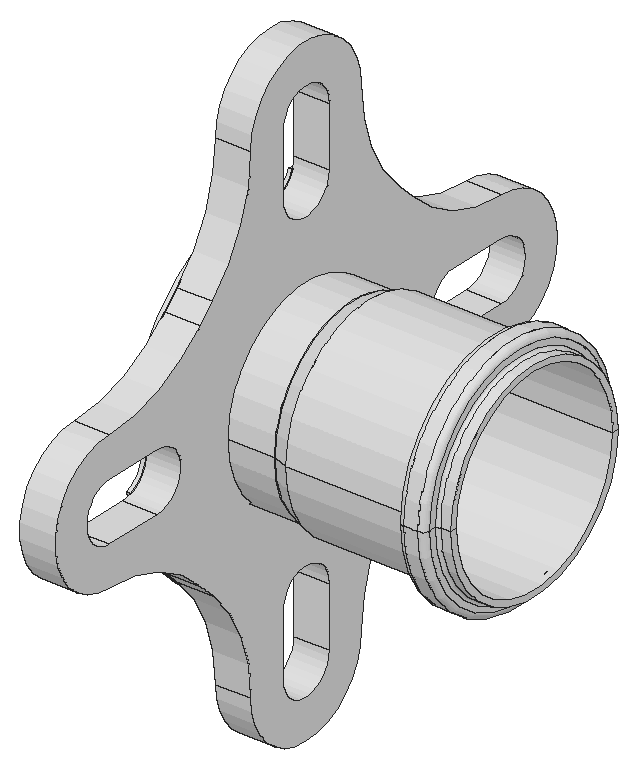
Revit family "Blucher_PipeFitting_(854-500)aa", category Pipe Fittings, Revit 2017
Family settings
  Round Connector Dimension = Use Radius
  Part Type = Union
  OmniClass Number = 23.60.30.11.14
  OmniClass Title = Pipework Fittings
  Work Plane-Based = No
  Always vertical = Yes
  Cut with Voids When Loaded = No
  Shared = No
Parameters (values of type "854.500.050")
  _DistributedBy = "www.bimstore.co.uk"
  _CurrentRevision = 1
  _CreatedBy = "www.bimstore.co.uk"
  _BimSpecGuid = 0
  _BSBibleVersion = 16
  _AuthorizedBy = "bimstore"
  _Author = "Ian Holmes"
  X5 = if(D = 40 mm, 41 mm, if(D = 50 mm, 42 mm, if(D = 75 mm, 50 mm, if(D = 82 mm, 52 mm, if(D = 110 mm, 57 mm, if(D = 125 mm, 60 mm, if(D = 160 mm, 72 mm, if(D = 200 mm, 90 mm, if(D = 250 mm, 108 mm, 116 mm)))))))))  # 42 mm
  Weight = 0.00 kg
  WarrantyStartDate [instance] = "Please complete on commissioning"
  WarrantyGuarantorParts = "mail@blucher.com"
  WarrantyGuarantorLabor = "n/a"
  WarrantyDurationUnit = "Years"
  WarrantyDurationParts = "0"
  WarrantyDurationLabor = "0"
  WarrantyDescription = "n/a"
  VVS [instance] = "n/a"  # constant formula
  built-in parameter 1114242 [instance] = (empty or 0)
  URL = "http://www.blucher.com/"
  TypeName = Type Comments  # "843 Range - Stainless steel: AISI304/EN1.4301"
  Type Comments = Description  # "843 Range - Stainless steel: AISI304/EN1.4301"
  StainlessSteel316 = not(StainlessSteel304)  # no
  StainlessSteel304 = yes
  SpareParts = "n/a"
  Size = "n/a"
  Shape = "Cylinder"
  SerialNumber [instance] = "Please complete on commissioning"
  ReplacementCost = "n/a"
  ReferencedStandard = "n/a"
  RSK [instance] = "n/a"  # constant formula
  ProductionYear = "2020"
  ProductInstallationVideo = "http://www.blucher.com/ean/5705499413076/InstallationVideo"
  NominalLength = if(D = 50 mm, 160 mm, if(D = 75 mm, 200 mm, if(D = 110 mm, 230 mm, if(D = 125 mm, 255 mm, if(D = 160 mm, 285 mm, 285 mm)))))  # 160 mm
  NominalHeight = X5 + H1 + FD + 1 mm  # 64 mm
  NominalDepth = if(D = 50 mm, 160 mm, if(D = 75 mm, 200 mm, if(D = 110 mm, 230 mm, if(D = 125 mm, 255 mm, if(D = 160 mm, 285 mm, 285 mm)))))  # 160 mm
  NRF [instance] = "n/a"  # constant formula
  NBSReference = "90-10-20/350"
  NBSOfficeMasterTag = "n/a"
  NBSObjectName = "Blucher - Stainless steel waste water pipes and fittings"
  NBSNote = ""
  NBSDescription = "Stainless steel waste water pipes and fittings"
  ModelReference = Model  # "854.500.050"
  ModelNumber [instance] = ArticleNumber  # "n/a"
  Model = "854.500.050"
  MaterialBlucher = Blucher_Stainless Steel
  Material = "Stainless steel"
  ManufacturerName = "Blücher"
  Manufacturer = "Blücher"
  Loss Method = Not Defined
  LVI [instance] = "n/a"  # constant formula
  Keynote = "S10/110"
  IsNotCusom [instance] = or(and(D = 40 mm, StainlessSteel304), and(D = 50 mm, StainlessSteel304), and(D = 75 mm, StainlessSteel304), and(D = 110 mm, StainlessSteel304), and(D = 125 mm, StainlessSteel304), and(D = 160 mm, StainlessSteel304), and(D = 40 mm, StainlessSteel316), and(D = 50 mm, StainlessSteel316), and(D = 75 mm, StainlessSteel316), and(D = 110 mm, StainlessSteel316), and(D = 125 mm, StainlessSteel316), and(D = 160 mm, StainlessSteel316))  # yes
  built-in parameter 1114238 [instance] = not(IsNotCusom)  # (empty or 0)
  InstallationDate [instance] = "Please complete on commissioning"
  IfcExportType = "IfcPipeFitting"
  IfcExportAs = "IfcPipeFittingType"
  H1 = if(D = 50 mm, 12 mm, if(D = 75 mm, 5 mm, if(D = 110 mm, 4 mm, if(D = 125 mm, 5.4 mm, if(D = 160 mm, 10.3 mm, 10.3 mm)))))  # 12 mm
  Grade = "n/a"
  Finish = "Stainless steel"
  Features = "n/a"
  FD = if(D = 50 mm, 9 mm, if(D = 75 mm, 11 mm, if(D = 110 mm, 11 mm, if(D = 125 mm, 14 mm, if(D = 160 mm, 14 mm, 14 mm)))))  # 9 mm
  ExpectedLife = 50
  EAN [instance] = "n/a"  # constant formula
  DurationUnit = "Years"
  DocumentationTechnical = "http://www.blucher.com/"
  DocumentationMaintenance = "http://www.blucher.com/"
  DocumentationLiterature = "http://www.blucher.com/"
  DocumentationInstallationGuide = "http://www.blucher.com/"
  DocumentationCertificates = "http://www.blucher.com/"
  Description = "843 Range - Stainless steel: AISI304/EN1.4301"
  DN75 = D = 75 mm  # no
  DN50 = D = 50 mm  # yes
  DN160 = D = 160 mm  # no
  DN125 = D = 125 mm  # no
  DN110 = D = 110 mm  # no
  ConnectionSize = 25 mm
  D = ConnectionSize * 2  # 50 mm
  CreatedOn = "2020-09-16T09:00:00"
  CreatedBy = "mail@blucher.com"
  Constituents = "n/a"
  Color = "Stainless steel"
  CodePerformance = "n/a"
  ClassificationValue = "Pr_65_52_63_81"
  ClassificationName = "Uniclass2015"
  BarCode [instance] = "Please complete on commissioning"
  BIMObjectName = "Blucher_PipeFitting_(854-500)"
  AssetType = "Fixed"
  AssetIdentifier [instance] = "Please complete on commissioning"
  Assembly Code = "D20"
  ArticleNumber [instance] = "n/a"  # constant formula
  Approvals = "n/a"
  AccessibilityPerformance = "n/a"
Types (5, lengths in mm): name | X5 | NominalLength | NominalHeight | NominalDepth | ModelReference | Model | H1 | FD | DN75 | DN50 | DN160 | DN125 | DN110 | ConnectionSize | D
  854.500.050 | 42 | 160 | 64 | 160 | "854.500.050" | "854.500.050" | 12 | 9 | no | yes | no | no | no | 25 | 50
  854.500.075 | 50 | 200 | 67 | 200 | "854.500.075" | "854.500.075" | 5 | 11 | yes | no | no | no | no | 37.5 | 75
  854.500.110 | 57 | 230 | 73 | 230 | "854.500.110" | "854.500.110" | 4 | 11 | no | no | no | no | yes | 55 | 110
  854.500.125 | 60 | 255 | 80.4 | 255 | "854.500.125" | "854.500.125" | 5.4 | 14 | no | no | no | yes | no | 62.5 | 125
  854.500.160 | 72 | 285 | 97.3 | 285 | "854.500.160" | "854.500.160" | 10.3 | 14 | no | no | yes | no | no | 80 | 160
Reference planes
  plane 1 "Center (Front/Back)": y = 0
  plane 2: z = 0
  plane 3 "Center (Left/Right)": x = 0
  plane 4: y = 25
  plane 5: y = -25
  plane 6: x = 16.121
  plane 7: x = 58.121
  plane 8: x = 12
  plane 9: x = -9
  plane 10: x = -10
  plane 11: x = -1
  plane 12: x = -11
Forms (mm)
  Revolve 1, solid, material "Blucher_Stainless Steel" <- "MaterialBlucher", detail levels fine
    sketch origin (0, 0, 0) x (1, 0, 0) y (0, 1, 0)
      loop
        line (-1, 25) -> (-1, 24.023) -> (12, 24.023) -> (12, 25) -> (-1, 25)
      axis (-1, 0) -> (12, 0)
    angle from 0 to 360
  Sweep 2, solid, material "Blucher_Stainless Steel" <- "MaterialBlucher", visible <- "DN50", detail levels fine
    path origin (0, 0, 0) x (1, 0, 0) y (0, 1, 0)
      loop
        line (-9, 0) -> (0, 0)
    profile origin (-4.5, 0, 0) x (0, 1, 0) y (0, 0, 1)
      loop
        arc (-17.483, 62.314) -> (-20.676, 46.689) -> (-29.743, 33.569) r 39.829
        arc (-29.743, 33.569) -> (-31.676, 31.676) -> (-33.569, 29.743) r 129.653
        arc (-33.569, 29.743) -> (-46.689, 20.676) -> (-62.314, 17.483) r 39.829
        arc (-62.314, 17.483) -> (-79.797, 0) -> (-62.314, -17.483) r 17.483
        arc (-62.314, -17.483) -> (-46.689, -20.676) -> (-33.569, -29.743) r 39.829
        arc (-33.569, -29.743) -> (-31.676, -31.676) -> (-29.743, -33.569) r 129.653
        arc (-29.743, -33.569) -> (-20.676, -46.689) -> (-17.483, -62.314) r 39.829
        arc (-17.483, -62.314) -> (0, -79.797) -> (17.483, -62.314) r 17.483
        arc (17.483, -62.314) -> (20.676, -46.689) -> (29.743, -33.569) r 39.829
        arc (29.743, -33.569) -> (31.676, -31.676) -> (33.569, -29.743) r 129.653
        arc (33.569, -29.743) -> (46.689, -20.676) -> (62.314, -17.483) r 39.829
        arc (62.314, -17.483) -> (79.797, 0) -> (62.314, 17.483) r 17.483
        arc (62.314, 17.483) -> (46.689, 20.676) -> (33.569, 29.743) r 39.829
        arc (33.569, 29.743) -> (31.676, 31.676) -> (29.743, 33.569) r 129.653
        arc (29.743, 33.569) -> (20.676, 46.689) -> (17.483, 62.314) r 39.829
        arc (17.483, 62.314) -> (0, 79.797) -> (-17.483, 62.314) r 17.483
      loop
        line (-7.5, 62.35) -> (-7.5, 47.154)
        arc (-7.5, 47.154) -> (0, 39.654) -> (7.5, 47.154) r 7.5
        line (7.5, 47.154) -> (7.5, 62.35)
        arc (7.5, 62.35) -> (0, 69.85) -> (-7.5, 62.35) r 7.5
      loop
        arc (-7.5, -62.35) -> (0, -69.85) -> (7.5, -62.35) r 7.5
        line (7.5, -62.35) -> (7.5, -47.154)
        arc (7.5, -47.154) -> (0, -39.654) -> (-7.5, -47.154) r 7.5
        line (-7.5, -47.154) -> (-7.5, -62.35)
      loop
        arc (-62.35, 7.5) -> (-69.85, 0) -> (-62.35, -7.5) r 7.5
        line (-62.35, -7.5) -> (-47.154, -7.5)
        arc (-47.154, -7.5) -> (-39.654, 0) -> (-47.154, 7.5) r 7.5
        line (-47.154, 7.5) -> (-62.35, 7.5)
      loop
        line (62.35, 7.5) -> (47.154, 7.5)
        arc (47.154, 7.5) -> (39.654, 0) -> (47.154, -7.5) r 7.5
        line (47.154, -7.5) -> (62.35, -7.5)
        arc (62.35, -7.5) -> (69.85, 0) -> (62.35, 7.5) r 7.5
      loop
        circle (0, 0) r 25
  Sweep 3, solid, material "Blucher_Stainless Steel" <- "MaterialBlucher", visible <- "DN50", detail levels fine
    path origin (0, 0, 0) x (1, 0, 0) y (0, 1, 0)
      loop
        line (-10, 0) -> (-9, 0)
    profile origin (-9.5, 0, 0) x (0, 1, 0) y (0, 0, 1)
      loop
        arc (-6.997, 44.453) -> (-31.82, 31.82) -> (-44.453, 6.997) r 45
        arc (-44.453, 6.997) -> (-39.654, 0) -> (-44.453, -6.997) r 7.5
        arc (-44.453, -6.997) -> (-31.82, -31.82) -> (-6.997, -44.453) r 45
        arc (-6.997, -44.453) -> (0, -39.654) -> (6.997, -44.453) r 7.5
        arc (6.997, -44.453) -> (31.82, -31.82) -> (44.453, -6.997) r 45
        arc (44.453, -6.997) -> (39.654, 0) -> (44.453, 6.997) r 7.5
        arc (44.453, 6.997) -> (31.82, 31.82) -> (6.997, 44.453) r 45
        arc (6.997, 44.453) -> (0, 39.654) -> (-6.997, 44.453) r 7.5
      loop
        circle (0, 0) r 25
  Sweep 4, solid, material "Blucher_Stainless Steel" <- "MaterialBlucher", visible <- "DN75", detail levels fine
    path origin (0, 0, 0) x (1, 0, 0) y (0, 1, 0)
      loop
        line (-9, 0) -> (0, 0)
    profile origin (-4.5, 0, 0) x (0, 1, 0) y (0, 0, 1)
      loop
        arc (-35.353, 51.696) -> (-44.384, 44.203) -> (-51.858, 35.155) r 62.581
        arc (-51.858, 35.155) -> (-64.115, 24.121) -> (-80.094, 20.037) r 34.5
        arc (-80.094, 20.037) -> (-99.916, 0.095) -> (-80.208, -19.96) r 20
        arc (-80.208, -19.96) -> (-64.136, -24.133) -> (-51.797, -35.245) r 35
        arc (-51.797, -35.245) -> (-44.346, -44.241) -> (-35.353, -51.696) r 62.581
        arc (-35.353, -51.696) -> (-24.248, -64.041) -> (-20.082, -80.115) r 35
        arc (-20.082, -80.115) -> (-0.036, -99.833) -> (19.915, -80.02) r 20
        arc (19.915, -80.02) -> (24.007, -64.043) -> (35.047, -51.791) r 34.5
        arc (35.047, -51.791) -> (44.098, -44.322) -> (51.596, -35.294) r 62.581
        arc (51.596, -35.294) -> (63.946, -24.195) -> (80.021, -20.036) r 35
        arc (80.021, -20.036) -> (99.749, 0) -> (79.945, 19.961) r 20
        arc (79.945, 19.961) -> (63.97, 24.06) -> (51.724, 35.106) r 34.5
        arc (51.724, 35.106) -> (44.178, 44.241) -> (35.047, 51.791) r 62.581
        arc (35.047, 51.791) -> (24.007, 64.043) -> (19.915, 80.02) r 34.5
        arc (19.915, 80.02) -> (-0.036, 99.833) -> (-20.082, 80.115) r 20
        arc (-20.082, 80.115) -> (-24.248, 64.041) -> (-35.353, 51.696) r 35
      loop
        line (7.5, 64.925) -> (7.5, 80.102)
        arc (7.5, 80.102) -> (0, 87.602) -> (-7.5, 80.102) r 7.5
        line (-7.5, 80.102) -> (-7.5, 64.925)
        arc (-7.5, 64.925) -> (0, 57.425) -> (7.5, 64.925) r 7.5
      loop
        arc (7.5, -64.925) -> (0, -57.425) -> (-7.5, -64.925) r 7.5
        line (-7.5, -64.925) -> (-7.5, -80.102)
        arc (-7.5, -80.102) -> (0, -87.602) -> (7.5, -80.102) r 7.5
        line (7.5, -80.102) -> (7.5, -64.925)
      loop
        line (-64.989, 7.757) -> (-80.165, 7.798)
        arc (-80.165, 7.798) -> (-87.685, 0.318) -> (-80.206, -7.202) r 7.5
        line (-80.206, -7.202) -> (-65.029, -7.243)
        arc (-65.029, -7.243) -> (-57.509, 0.237) -> (-64.989, 7.757) r 7.5
      loop
        arc (64.862, 7.411) -> (57.342, -0.069) -> (64.821, -7.589) r 7.5
        line (64.821, -7.589) -> (79.998, -7.63)
        arc (79.998, -7.63) -> (87.518, -0.15) -> (80.038, 7.37) r 7.5
        line (80.038, 7.37) -> (64.862, 7.411)
      loop
        circle (-0.084, 0) r 37.5
  Sweep 5, solid, material "Blucher_Stainless Steel" <- "MaterialBlucher", visible <- "DN75", detail levels fine
    path origin (0, 0, 0) x (1, 0, 0) y (0, 1, 0)
      loop
        line (-10, 0) -> (-9, 0)
    profile origin (-9.5, 0, 0) x (0, 1, 0) y (0, 0, 1)
      loop
        arc (-6.987, 62.2) -> (-44.219, 44.368) -> (-62.246, 7.23) r 62.581
        arc (-62.246, 7.23) -> (-57.509, 0.227) -> (-62.302, -6.737) r 7.5
        arc (-62.302, -6.737) -> (-44.395, -44.193) -> (-6.987, -62.2) r 62.581
        arc (-6.987, -62.2) -> (-0.01, -57.425) -> (6.98, -62.182) r 7.5
        arc (6.98, -62.182) -> (44.166, -44.254) -> (62.097, -7.069) r 62.581
        arc (62.097, -7.069) -> (57.341, -0.079) -> (62.116, 6.898) r 7.5
        arc (62.116, 6.898) -> (44.227, 44.193) -> (6.98, 62.182) r 62.581
        arc (6.98, 62.182) -> (-0.01, 57.425) -> (-6.987, 62.2) r 7.5
      loop
        circle (-0.084, 0) r 37.5
  Sweep 6, solid, material "Blucher_Stainless Steel" <- "MaterialBlucher", visible <- "DN110"
    path origin (0, 0, 0) x (1, 0, 0) y (0, 1, 0)
      loop
        line (-9, 0) -> (0, 0)
    profile origin (-4.5, 0, 0) x (0, 1, 0) y (0, 0, 1)
      loop
        arc (95.754, 19.986) -> (78.024, 32.318) -> (81.841, 53.576) r 20
        arc (81.841, 53.576) -> (81.322, 81.322) -> (53.576, 81.841) r 20
        arc (53.576, 81.841) -> (32.318, 78.024) -> (19.986, 95.754) r 20
        arc (19.986, 95.754) -> (0, 115.007) -> (-19.986, 95.754) r 20
        arc (-19.986, 95.754) -> (-32.318, 78.024) -> (-53.576, 81.841) r 20
        arc (-53.576, 81.841) -> (-81.322, 81.322) -> (-81.841, 53.576) r 20
        arc (-81.841, 53.576) -> (-78.024, 32.318) -> (-95.754, 19.986) r 20
        arc (-95.754, 19.986) -> (-115.007, 0) -> (-95.754, -19.986) r 20
        arc (-95.754, -19.986) -> (-78.024, -32.318) -> (-81.841, -53.576) r 20
        arc (-81.841, -53.576) -> (-81.322, -81.322) -> (-53.576, -81.841) r 20
        arc (-53.576, -81.841) -> (-32.318, -78.024) -> (-19.986, -95.754) r 20
        arc (-19.986, -95.754) -> (0, -115.007) -> (19.986, -95.754) r 20
        arc (19.986, -95.754) -> (32.318, -78.024) -> (53.576, -81.841) r 20
        arc (53.576, -81.841) -> (81.322, -81.322) -> (81.841, -53.576) r 20
        arc (81.841, -53.576) -> (78.024, -32.318) -> (95.754, -19.986) r 20
        arc (95.754, -19.986) -> (115.007, 0) -> (95.754, 19.986) r 20
      loop
        line (-73.548, 60.82) -> (-64.653, 51.925)
        arc (-64.653, 51.925) -> (-51.925, 51.925) -> (-51.925, 64.653) r 9
        line (-51.925, 64.653) -> (-60.82, 73.548)
        arc (-60.82, 73.548) -> (-73.548, 73.548) -> (-73.548, 60.82) r 9
      loop
        arc (60.82, -73.548) -> (73.548, -73.548) -> (73.548, -60.82) r 9
        line (73.548, -60.82) -> (64.653, -51.925)
        arc (64.653, -51.925) -> (51.925, -51.925) -> (51.925, -64.653) r 9
        line (51.925, -64.653) -> (60.82, -73.548)
      loop
        arc (73.548, 60.82) -> (73.548, 73.548) -> (60.82, 73.548) r 9
        line (60.82, 73.548) -> (51.925, 64.653)
        arc (51.925, 64.653) -> (51.925, 51.925) -> (64.653, 51.925) r 9
        line (64.653, 51.925) -> (73.548, 60.82)
      loop
        line (-60.82, -73.548) -> (-51.925, -64.653)
        arc (-51.925, -64.653) -> (-51.925, -51.925) -> (-64.653, -51.925) r 9
        line (-64.653, -51.925) -> (-73.548, -60.82)
        arc (-73.548, -60.82) -> (-73.548, -73.548) -> (-60.82, -73.548) r 9
      loop
        arc (9, 95.012) -> (0, 104.012) -> (-9, 95.012) r 9
        line (-9, 95.012) -> (-9, 82.433)
        arc (-9, 82.433) -> (0, 73.433) -> (9, 82.433) r 9
        line (9, 82.433) -> (9, 95.012)
      loop
        line (9, -95.012) -> (9, -82.433)
        arc (9, -82.433) -> (0, -73.433) -> (-9, -82.433) r 9
        line (-9, -82.433) -> (-9, -95.012)
        arc (-9, -95.012) -> (0, -104.012) -> (9, -95.012) r 9
      loop
        line (-95.012, -9) -> (-82.433, -9)
        arc (-82.433, -9) -> (-73.433, 0) -> (-82.433, 9) r 9
        line (-82.433, 9) -> (-95.012, 9)
        arc (-95.012, 9) -> (-104.012, 0) -> (-95.012, -9) r 9
      loop
        arc (95.012, -9) -> (104.012, 0) -> (95.012, 9) r 9
        line (95.012, 9) -> (82.433, 9)
        arc (82.433, 9) -> (73.433, 0) -> (82.433, -9) r 9
        line (82.433, -9) -> (95.012, -9)
      loop
        circle (0, 0) r 55
  Sweep 7, solid, material "Blucher_Stainless Steel" <- "MaterialBlucher", visible <- "DN110"
    path origin (0, 0, 0) x (1, 0, 0) y (0, 1, 0)
      loop
        line (-10, 0) -> (-9, 0)
    profile origin (-9.5, 0, 0) x (0, 1, 0) y (0, 0, 1)
      loop
        arc (49.501, -56.344) -> (51.925, -51.925) -> (56.344, -49.501) r 9
        arc (56.344, -49.501) -> (69.291, -28.701) -> (74.844, -4.838) r 75
        arc (74.844, -4.838) -> (73.433, 0) -> (74.844, 4.838) r 9
        arc (74.844, 4.838) -> (69.291, 28.701) -> (56.344, 49.501) r 75
        arc (56.344, 49.501) -> (51.925, 51.925) -> (49.501, 56.344) r 9
        arc (49.501, 56.344) -> (28.701, 69.291) -> (4.838, 74.844) r 75
        arc (4.838, 74.844) -> (0, 73.433) -> (-4.838, 74.844) r 9
        arc (-4.838, 74.844) -> (-28.701, 69.291) -> (-49.501, 56.344) r 75
        arc (-49.501, 56.344) -> (-51.925, 51.925) -> (-56.344, 49.501) r 9
        arc (-56.344, 49.501) -> (-69.291, 28.701) -> (-74.844, 4.838) r 75
        arc (-74.844, 4.838) -> (-73.433, 0) -> (-74.844, -4.838) r 9
        arc (-74.844, -4.838) -> (-69.291, -28.701) -> (-56.344, -49.501) r 75
        arc (-56.344, -49.501) -> (-51.925, -51.925) -> (-49.501, -56.344) r 9
        arc (-49.501, -56.344) -> (-28.701, -69.291) -> (-4.838, -74.844) r 75
        arc (-4.838, -74.844) -> (0, -73.433) -> (4.838, -74.844) r 9
        arc (4.838, -74.844) -> (28.701, -69.291) -> (49.501, -56.344) r 75
      loop
        circle (0, 0) r 55
  Sweep 8, solid, material "Blucher_Stainless Steel" <- "MaterialBlucher", visible <- "DN110"
    path origin (0, 0, 0) x (1, 0, 0) y (0, 1, 0)
      loop
        line (-11, 0) -> (-10, 0)
    profile origin (-10.5, 0, 0) x (0, 1, 0) y (0, 0, 1)
      loop
        arc (-96.811, 19.918) -> (-115.007, 0) -> (-96.811, -19.918) r 20
        arc (-96.811, -19.918) -> (-76.509, -26.471) -> (-60.985, -41.104) r 48.476
        arc (-60.985, -41.104) -> (0, -73.544) -> (60.985, -41.104) r 73.544
        arc (60.985, -41.104) -> (76.509, -26.471) -> (96.811, -19.918) r 48.476
        arc (96.811, -19.918) -> (115.007, 0) -> (96.811, 19.918) r 20
        arc (96.811, 19.918) -> (76.509, 26.471) -> (60.985, 41.104) r 48.476
        arc (60.985, 41.104) -> (0, 73.544) -> (-60.985, 41.104) r 73.544
        arc (-60.985, 41.104) -> (-76.509, 26.471) -> (-96.811, 19.918) r 48.476
      loop
        circle (0, 0) r 55
      loop
        line (-95.012, -9) -> (-82.433, -9)
        arc (-82.433, -9) -> (-73.433, 0) -> (-82.433, 9) r 9
        line (-82.433, 9) -> (-95.012, 9)
        arc (-95.012, 9) -> (-104.012, 0) -> (-95.012, -9) r 9
      loop
        arc (95.012, -9) -> (104.012, 0) -> (95.012, 9) r 9
        line (95.012, 9) -> (82.433, 9)
        arc (82.433, 9) -> (73.433, 0) -> (82.433, -9) r 9
        line (82.433, -9) -> (95.012, -9)
  Sweep 9, solid, material "Blucher_Stainless Steel" <- "MaterialBlucher", visible <- "DN125", detail levels fine
    path origin (0, 0, 0) x (1, 0, 0) y (0, 1, 0)
      loop
        line (-9, 0) -> (0, 0)
    profile origin (-4.5, 0, 0) x (0, 1, 0) y (0, 0, 1)
      loop
        arc (-63.58, 91.691) -> (-90.216, 90.216) -> (-91.691, 63.58) r 20
        arc (-91.691, 63.58) -> (-87.829, 36.38) -> (-109.793, 19.878) r 27
        arc (-109.793, 19.878) -> (-127.585, 0) -> (-109.793, -19.878) r 20
        arc (-109.793, -19.878) -> (-87.829, -36.38) -> (-91.691, -63.58) r 27
        arc (-91.691, -63.58) -> (-90.216, -90.216) -> (-63.58, -91.691) r 20
        arc (-63.58, -91.691) -> (-36.38, -87.829) -> (-19.878, -109.793) r 27
        arc (-19.878, -109.793) -> (0, -127.585) -> (19.878, -109.793) r 20
        arc (19.878, -109.793) -> (36.38, -87.829) -> (63.58, -91.691) r 27
        arc (63.58, -91.691) -> (90.216, -90.216) -> (91.691, -63.58) r 20
        arc (91.691, -63.58) -> (87.829, -36.38) -> (109.793, -19.878) r 27
        arc (109.793, -19.878) -> (127.585, 0) -> (109.793, 19.878) r 20
        arc (109.793, 19.878) -> (87.829, 36.38) -> (91.691, 63.58) r 27
        arc (91.691, 63.58) -> (90.216, 90.216) -> (63.58, 91.691) r 20
        arc (63.58, 91.691) -> (36.38, 87.829) -> (19.878, 109.793) r 27
        arc (19.878, 109.793) -> (0, 127.585) -> (-19.878, 109.793) r 20
        arc (-19.878, 109.793) -> (-36.38, 87.829) -> (-63.58, 91.691) r 27
      loop
        line (-9, 107.38) -> (-9, 100.016)
        arc (-9, 100.016) -> (0, 91.016) -> (9, 100.016) r 9
        line (9, 100.016) -> (9, 107.38)
        arc (9, 107.38) -> (0, 116.38) -> (-9, 107.38) r 9
      loop
        arc (-9, -107.38) -> (0, -116.38) -> (9, -107.38) r 9
        line (9, -107.38) -> (9, -100.016)
        arc (9, -100.016) -> (0, -91.016) -> (-9, -100.016) r 9
        line (-9, -100.016) -> (-9, -107.38)
      loop
        arc (-107.38, 9) -> (-116.38, 0) -> (-107.38, -9) r 9
        line (-107.38, -9) -> (-100.016, -9)
        arc (-100.016, -9) -> (-91.016, 0) -> (-100.016, 9) r 9
        line (-100.016, 9) -> (-107.38, 9)
      loop
        line (107.38, 9) -> (100.016, 9)
        arc (100.016, 9) -> (91.016, 0) -> (100.016, -9) r 9
        line (100.016, -9) -> (107.38, -9)
        arc (107.38, -9) -> (116.38, 0) -> (107.38, 9) r 9
      loop
        arc (-82.293, -69.565) -> (-82.293, -82.293) -> (-69.565, -82.293) r 9
        line (-69.565, -82.293) -> (-64.358, -77.086)
        arc (-64.358, -77.086) -> (-64.358, -64.358) -> (-77.086, -64.358) r 9
        line (-77.086, -64.358) -> (-82.293, -69.565)
      loop
        line (69.565, 82.293) -> (64.358, 77.086)
        arc (64.358, 77.086) -> (64.358, 64.358) -> (77.086, 64.358) r 9
        line (77.086, 64.358) -> (82.293, 69.565)
        arc (82.293, 69.565) -> (82.293, 82.293) -> (69.565, 82.293) r 9
      loop
        line (82.293, -69.565) -> (77.086, -64.358)
        arc (77.086, -64.358) -> (64.358, -64.358) -> (64.358, -77.086) r 9
        line (64.358, -77.086) -> (69.565, -82.293)
        arc (69.565, -82.293) -> (82.293, -82.293) -> (82.293, -69.565) r 9
      loop
        arc (-69.565, 82.293) -> (-82.293, 82.293) -> (-82.293, 69.565) r 9
        line (-82.293, 69.565) -> (-77.086, 64.358)
        arc (-77.086, 64.358) -> (-64.358, 64.358) -> (-64.358, 77.086) r 9
        line (-64.358, 77.086) -> (-69.565, 82.293)
      loop
        circle (0, 0) r 62.5
  Sweep 10, solid, material "Blucher_Stainless Steel" <- "MaterialBlucher", visible <- "DN125", detail levels fine
    path origin (0, 0, 0) x (1, 0, 0) y (0, 1, 0)
      loop
        line (-11, 0) -> (-10, 0)
    profile origin (-10.5, 0, 0) x (0, 1, 0) y (0, 0, 1)
      loop
        arc (-110.258, -19.821) -> (-92.529, -26.788) -> (-80.034, -41.166) r 40
        arc (-80.034, -41.166) -> (0, -90) -> (80.034, -41.166) r 90
        arc (80.034, -41.166) -> (92.529, -26.788) -> (110.258, -19.821) r 40
        arc (110.258, -19.821) -> (127.585, 0) -> (110.258, 19.821) r 20
        arc (110.258, 19.821) -> (92.529, 26.788) -> (80.034, 41.166) r 40
        arc (80.034, 41.166) -> (0, 90) -> (-80.034, 41.166) r 90
        arc (-80.034, 41.166) -> (-92.529, 26.788) -> (-110.258, 19.821) r 40
        arc (-110.258, 19.821) -> (-127.585, 0) -> (-110.258, -19.821) r 20
      loop
        arc (-107.38, 9) -> (-116.38, 0) -> (-107.38, -9) r 9
        line (-107.38, -9) -> (-100.016, -9)
        arc (-100.016, -9) -> (-91.016, 0) -> (-100.016, 9) r 9
        line (-100.016, 9) -> (-107.38, 9)
      loop
        line (107.38, 9) -> (100.016, 9)
        arc (100.016, 9) -> (91.016, 0) -> (100.016, -9) r 9
        line (100.016, -9) -> (107.38, -9)
        arc (107.38, -9) -> (116.38, 0) -> (107.38, 9) r 9
      loop
        circle (0, 0) r 62.5
  Sweep 11, solid, material "Blucher_Stainless Steel" <- "MaterialBlucher", visible <- "DN125", detail levels fine
    path origin (0, 0, 0) x (1, 0, 0) y (0, 1, 0)
      loop
        line (-10, 0) -> (-9, 0)
    profile origin (-9.5, 0, 0) x (0, 1, 0) y (0, 0, 1)
      loop
        circle (0, 0) r 90
      loop
        circle (0, 0) r 62.5
  Sweep 12, solid, material "Blucher_Stainless Steel" <- "MaterialBlucher", visible <- "DN160", detail levels fine
    path origin (0, 0, 0) x (1, 0, 0) y (0, 1, 0)
      loop
        line (-9, 0) -> (0, 0)
    profile origin (-4.5, 0, 0) x (0, 1, 0) y (0, 0, 1)
      loop
        arc (-71.584, 101.89) -> (-100.712, 100.712) -> (-101.89, 71.584) r 21.5
        arc (-101.89, 71.584) -> (-96.95, 40.158) -> (-122.665, 21.43) r 30.5
        arc (-122.665, 21.43) -> (-142.428, 0) -> (-122.665, -21.43) r 21.5
        arc (-122.665, -21.43) -> (-96.95, -40.158) -> (-101.89, -71.584) r 30.5
        arc (-101.89, -71.584) -> (-100.712, -100.712) -> (-71.584, -101.89) r 21.5
        arc (-71.584, -101.89) -> (-40.158, -96.95) -> (-21.43, -122.665) r 30.5
        arc (-21.43, -122.665) -> (0, -142.428) -> (21.43, -122.665) r 21.5
        arc (21.43, -122.665) -> (40.158, -96.95) -> (71.584, -101.89) r 30.5
        arc (71.584, -101.89) -> (100.712, -100.712) -> (101.89, -71.584) r 21.5
        arc (101.89, -71.584) -> (96.95, -40.158) -> (122.665, -21.43) r 30.5
        arc (122.665, -21.43) -> (142.428, 0) -> (122.665, 21.43) r 21.5
        arc (122.665, 21.43) -> (96.95, 40.158) -> (101.89, 71.584) r 30.5
        arc (101.89, 71.584) -> (100.712, 100.712) -> (71.584, 101.89) r 21.5
        arc (71.584, 101.89) -> (40.158, 96.95) -> (21.43, 122.665) r 30.5
        arc (21.43, 122.665) -> (0, 142.428) -> (-21.43, 122.665) r 21.5
        arc (-21.43, 122.665) -> (-40.158, 96.95) -> (-71.584, 101.89) r 30.5
      loop
        circle (0, 0) r 80
      loop
        line (-9, 120.992) -> (-9, 114.891)
        arc (-9, 114.891) -> (0, 105.891) -> (9, 114.891) r 9
        line (9, 114.891) -> (9, 120.992)
        arc (9, 120.992) -> (0, 129.992) -> (-9, 120.992) r 9
      loop
        arc (-9, -120.992) -> (0, -129.992) -> (9, -120.992) r 9
        line (9, -120.992) -> (9, -114.891)
        arc (9, -114.891) -> (0, -105.891) -> (-9, -114.891) r 9
        line (-9, -114.891) -> (-9, -120.992)
      loop
        line (-91.918, 79.19) -> (-87.604, 74.876)
        arc (-87.604, 74.876) -> (-74.876, 74.876) -> (-74.876, 87.604) r 9
        line (-74.876, 87.604) -> (-79.19, 91.918)
        arc (-79.19, 91.918) -> (-91.918, 91.918) -> (-91.918, 79.19) r 9
      loop
        arc (79.19, -91.918) -> (91.918, -91.918) -> (91.918, -79.19) r 9
        line (91.918, -79.19) -> (87.604, -74.876)
        arc (87.604, -74.876) -> (74.876, -74.876) -> (74.876, -87.604) r 9
        line (74.876, -87.604) -> (79.19, -91.918)
      loop
        line (-120.992, -9) -> (-114.891, -9)
        arc (-114.891, -9) -> (-105.891, 0) -> (-114.891, 9) r 9
        line (-114.891, 9) -> (-120.992, 9)
        arc (-120.992, 9) -> (-129.992, 0) -> (-120.992, -9) r 9
      loop
        arc (120.992, -9) -> (129.992, 0) -> (120.992, 9) r 9
        line (120.992, 9) -> (114.891, 9)
        arc (114.891, 9) -> (105.891, 0) -> (114.891, -9) r 9
        line (114.891, -9) -> (120.992, -9)
      loop
        line (-79.19, -91.918) -> (-74.876, -87.604)
        arc (-74.876, -87.604) -> (-74.876, -74.876) -> (-87.604, -74.876) r 9
        line (-87.604, -74.876) -> (-91.918, -79.19)
        arc (-91.918, -79.19) -> (-91.918, -91.918) -> (-79.19, -91.918) r 9
      loop
        arc (91.918, 79.19) -> (91.918, 91.918) -> (79.19, 91.918) r 9
        line (79.19, 91.918) -> (74.876, 87.604)
        arc (74.876, 87.604) -> (74.876, 74.876) -> (87.604, 74.876) r 9
        line (87.604, 74.876) -> (91.918, 79.19)
  Sweep 13, solid, material "Blucher_Stainless Steel" <- "MaterialBlucher", visible <- "DN160", detail levels fine
    path origin (0, 0, 0) x (1, 0, 0) y (0, 1, 0)
      loop
        line (-11, 0) -> (-10, 0)
    profile origin (-10.5, 0, 0) x (0, 1, 0) y (0, 0, 1)
      loop
        arc (-122.665, -21.43) -> (-107.173, -27.176) -> (-96.95, -40.158) r 30.5
        arc (-96.95, -40.158) -> (0, -104.938) -> (96.95, -40.158) r 104.938
        arc (96.95, -40.158) -> (107.173, -27.176) -> (122.665, -21.43) r 30.5
        arc (122.665, -21.43) -> (142.428, 0) -> (122.665, 21.43) r 21.5
        arc (122.665, 21.43) -> (107.173, 27.176) -> (96.95, 40.158) r 30.5
        arc (96.95, 40.158) -> (0, 104.938) -> (-96.95, 40.158) r 104.938
        arc (-96.95, 40.158) -> (-107.173, 27.176) -> (-122.665, 21.43) r 30.5
        arc (-122.665, 21.43) -> (-142.428, 0) -> (-122.665, -21.43) r 21.5
      loop
        circle (0, 0) r 80
      loop
        line (-120.992, -9) -> (-114.891, -9)
        arc (-114.891, -9) -> (-105.891, 0) -> (-114.891, 9) r 9
        line (-114.891, 9) -> (-120.992, 9)
        arc (-120.992, 9) -> (-129.992, 0) -> (-120.992, -9) r 9
  Sweep 14, solid, material "Blucher_Stainless Steel" <- "MaterialBlucher", visible <- "DN160", detail levels fine
    path origin (0, 0, 0) x (1, 0, 0) y (0, 1, 0)
      loop
        line (-10, 0) -> (-9, 0)
    profile origin (-9.5, 0, 0) x (0, 1, 0) y (0, 0, 1)
      loop
        circle (0, 0) r 80
      loop
        circle (0, 0) r 104.938
Lines and regions (mm)
  model lines, detail levels coarse+medium
    curve 1: line (-14, 0, 0) -> (58.121, 0, 0)
  reference lines
    curve 2: line (-1, 0, 0) -> (16.121, 0, 0)
Dimensions and locks
  equal spacing: plane 5, plane 1 "Center (Front/Back)", plane 4
  "D": plane 4 to plane 5
  "H1": plane 3 "Center (Left/Right)" to plane 8
  locked: plane 8 to plane 6 at 4.121
  "FD": plane 9 to plane 3 "Center (Left/Right)"
  locked: plane 11 to plane 3 "Center (Left/Right)" at 1
  locked: plane 10 to plane 9 at 1
  "X5": plane 6 to plane 7
  locked: plane 12 to plane 10 at 1
  aligned and locked: level to plane 2
  aligned and locked: plane 1 "Center (Front/Back)" to curve 1
  aligned and locked: plane 1 "Center (Front/Back)" to nested 1
  aligned and locked: plane 2 to nested 1
  aligned and locked: Revolve 1 sketch curve to plane 8
  aligned and locked: Revolve 1 sketch curve to plane 4
  aligned and locked: plane 1 "Center (Front/Back)" to Revolve 1 sketch curve
  aligned and locked: plane 3 "Center (Left/Right)" to Sweep 2 sketch curve
  aligned and locked: plane 9 to Sweep 2 sketch curve
  aligned and locked: plane 1 "Center (Front/Back)" to Sweep 2 sketch curve
  aligned and locked: plane 10 to Sweep 3 sketch curve
  aligned and locked: plane 9 to Sweep 3 sketch curve
  aligned and locked: plane 1 "Center (Front/Back)" to Sweep 3 sketch curve
  aligned and locked: plane 7 to curve 1
  aligned and locked: plane 11 to Revolve 1 sketch curve
  aligned and locked: plane 6 to curve 2
  aligned and locked: plane 11 to curve 2
  aligned and locked: plane 1 "Center (Front/Back)" to curve 2
  aligned and locked: plane 3 "Center (Left/Right)" to Sweep 4 sketch curve
  aligned and locked: plane 9 to Sweep 4 sketch curve
  aligned and locked: plane 1 "Center (Front/Back)" to Sweep 4 sketch curve
  aligned and locked: plane 10 to Sweep 5 sketch curve
  aligned and locked: plane 9 to Sweep 5 sketch curve
  aligned and locked: plane 1 "Center (Front/Back)" to Sweep 5 sketch curve
  aligned and locked: plane 3 "Center (Left/Right)" to Sweep 6 sketch curve
  aligned and locked: plane 9 to Sweep 6 sketch curve
  aligned and locked: plane 1 "Center (Front/Back)" to Sweep 6 sketch curve
  aligned and locked: plane 10 to Sweep 7 sketch curve
  aligned and locked: plane 9 to Sweep 7 sketch curve
  aligned and locked: plane 1 "Center (Front/Back)" to Sweep 7 sketch curve
  aligned and locked: plane 12 to Sweep 8 sketch curve
  aligned and locked: plane 10 to Sweep 8 sketch curve
  aligned and locked: plane 1 "Center (Front/Back)" to Sweep 8 sketch curve
  aligned and locked: plane 3 "Center (Left/Right)" to Sweep 9 sketch curve
  aligned and locked: plane 9 to Sweep 9 sketch curve
  aligned and locked: plane 1 "Center (Front/Back)" to Sweep 9 sketch curve
  aligned and locked: plane 12 to Sweep 10 sketch curve
  aligned and locked: plane 10 to Sweep 10 sketch curve
  aligned and locked: plane 10 to Sweep 11 sketch curve
  aligned and locked: plane 9 to Sweep 11 sketch curve
  aligned and locked: plane 1 "Center (Front/Back)" to Sweep 11 sketch curve
  aligned and locked: plane 3 "Center (Left/Right)" to Sweep 12 sketch curve
  aligned and locked: plane 9 to Sweep 12 sketch curve
  aligned and locked: plane 1 "Center (Front/Back)" to Sweep 12 sketch curve
  aligned and locked: plane 12 to Sweep 13 sketch curve
  aligned and locked: plane 10 to Sweep 13 sketch curve
  aligned and locked: plane 1 "Center (Front/Back)" to Sweep 13 sketch curve
  aligned and locked: plane 9 to Sweep 14 sketch curve
  aligned and locked: plane 10 to Sweep 14 sketch curve
  aligned and locked: plane 1 "Center (Front/Back)" to Sweep 14 sketch curve
Automatic sketch dimensions
  Revolve 1 sketch curve to plane 7 = 33.879 mm
  Revolve 1 sketch curve to Revolve 1 sketch curve = 10 mm
  Revolve 1 sketch curve to plane 4 = 0.977 mm
  Sweep 2 sketch curve to level = 0 mm  (x5)
  Sweep 2 sketch curve to profile plane = 0 mm  (x5)
  profile plane to Sweep 2 sketch curve = 7.5 mm  (x2)
  Sweep 2 sketch curve to level = 7.5 mm  (x2)
  profile plane to Sweep 2 sketch curve = 47.154 mm
  Sweep 2 sketch curve to Sweep 2 sketch curve = 49.813 mm  (x8)
  Sweep 2 sketch curve to Sweep 2 sketch curve = 2.69 mm  (x8)
  Sweep 2 sketch curve to Sweep 2 sketch curve = 2.311 mm  (x3)
  Sweep 2 sketch curve to Sweep 2 sketch curve = 0.036 mm  (x4)
  Sweep 2 sketch curve to profile plane = 47.154 mm
  Sweep 2 sketch curve to Sweep 2 sketch curve = 15.16 mm
  Sweep 2 sketch curve to level = 47.154 mm
  level to Sweep 2 sketch curve = 47.154 mm
  Sweep 2 sketch curve to Sweep 2 sketch curve = 9.983 mm  (x2)
  Sweep 2 sketch curve to Sweep 2 sketch curve = 0 mm  (x14)
  plane 10 to curve 1 = 4 mm
  Sweep 3 sketch curve to Sweep 3 sketch curve = 0 mm  (x20)
  Sweep 3 sketch curve to level = 0 mm  (x3)
  Sweep 3 sketch curve to profile plane = 0 mm  (x3)
  profile plane to Sweep 3 sketch curve = 47.154 mm
  Sweep 3 sketch curve to profile plane = 47.154 mm
  Sweep 3 sketch curve to level = 47.154 mm
  Sweep 3 sketch curve to Sweep 3 sketch curve = 47.154 mm
  profile plane to Sweep 3 sketch curve = 6.997 mm  (x2)
  Sweep 3 sketch curve to Sweep 3 sketch curve = 2.702 mm  (x3)
  Sweep 3 sketch curve to profile plane = 6.997 mm  (x2)
  Sweep 3 sketch curve to level = 6.997 mm
  Sweep 5 sketch curve to Sweep 5 sketch curve = 0 mm  (x20)
  Sweep 5 sketch curve to level = 0 mm
  Sweep 5 sketch curve to profile plane = 0 mm  (x2)
  profile plane to Sweep 5 sketch curve = 0.084 mm
  level to Sweep 5 sketch curve = 0.257 mm
  Sweep 5 sketch curve to Sweep 5 sketch curve = 64.925 mm
  Sweep 5 sketch curve to level = 0.089 mm
  Sweep 5 sketch curve to profile plane = 64.841 mm
  Sweep 5 sketch curve to level = 64.925 mm
  level to Sweep 5 sketch curve = 64.925 mm
  profile plane to Sweep 5 sketch curve = 6.987 mm  (x2)
  Sweep 5 sketch curve to Sweep 5 sketch curve = 2.762 mm
  Sweep 5 sketch curve to Sweep 5 sketch curve = 2.707 mm
  Sweep 5 sketch curve to profile plane = 6.98 mm  (x2)
  Sweep 5 sketch curve to level = 7.069 mm
  Sweep 5 sketch curve to Sweep 5 sketch curve = 2.744 mm
  Sweep 4 sketch curve to Sweep 4 sketch curve = 0 mm  (x22)
  Sweep 4 sketch curve to level = 0 mm
  Sweep 4 sketch curve to profile plane = 0 mm  (x2)
  profile plane to Sweep 4 sketch curve = 0.084 mm  (x3)
  Sweep 4 sketch curve to Sweep 4 sketch curve = 7.416 mm
  Sweep 4 sketch curve to Sweep 4 sketch curve = 7.5 mm
  Sweep 4 sketch curve to Sweep 4 sketch curve = 47.578 mm  (x2)
  level to Sweep 4 sketch curve = 7.757 mm
  profile plane to Sweep 4 sketch curve = 64.989 mm
  level to Sweep 4 sketch curve = 0.257 mm
  Sweep 4 sketch curve to Sweep 4 sketch curve = 0.02 mm  (x2)
  Sweep 4 sketch curve to level = 7.243 mm
  level to Sweep 4 sketch curve = 0.038 mm
  Sweep 4 sketch curve to Sweep 4 sketch curve = 14.908 mm
  level to Sweep 4 sketch curve = 7.798 mm
  Sweep 4 sketch curve to Sweep 4 sketch curve = 0.249 mm  (x2)
  Sweep 4 sketch curve to Sweep 4 sketch curve = 0.269 mm  (x4)
  Sweep 4 sketch curve to level = 7.202 mm
  Sweep 4 sketch curve to Sweep 4 sketch curve = 0.289 mm
  Sweep 4 sketch curve to Sweep 4 sketch curve = 25.321 mm
  Sweep 4 sketch curve to Sweep 4 sketch curve = 25.64 mm
  Sweep 4 sketch curve to Sweep 4 sketch curve = 46.914 mm  (x2)
  Sweep 4 sketch curve to level = 7.589 mm
  Sweep 4 sketch curve to profile plane = 64.821 mm
  Sweep 4 sketch curve to level = 0.089 mm
  level to Sweep 4 sketch curve = 7.411 mm
  Sweep 4 sketch curve to level = 0.038 mm
  Sweep 4 sketch curve to Sweep 4 sketch curve = 14.907 mm  (x3)
  Sweep 4 sketch curve to level = 7.63 mm
  Sweep 4 sketch curve to level = 0.13 mm
  level to Sweep 4 sketch curve = 7.37 mm
  Sweep 4 sketch curve to Sweep 4 sketch curve = 25.87 mm
  Sweep 4 sketch curve to Sweep 4 sketch curve = 26.085 mm
  Sweep 4 sketch curve to Sweep 4 sketch curve = 47.754 mm
  Sweep 4 sketch curve to Sweep 4 sketch curve = 47.403 mm
  Sweep 4 sketch curve to level = 64.925 mm
  Sweep 4 sketch curve to Sweep 4 sketch curve = 25.309 mm
  Sweep 4 sketch curve to Sweep 4 sketch curve = 25.653 mm
  Sweep 4 sketch curve to Sweep 4 sketch curve = 47.089 mm
  Sweep 4 sketch curve to Sweep 4 sketch curve = 46.738 mm
  level to Sweep 4 sketch curve = 64.925 mm
  Sweep 4 sketch curve to Sweep 4 sketch curve = 25.883 mm
  Sweep 4 sketch curve to Sweep 4 sketch curve = 26.073 mm
  Sweep 4 sketch curve to Sweep 4 sketch curve = 12.582 mm  (x2)
  Sweep 6 sketch curve to level = 0 mm  (x5)
  Sweep 6 sketch curve to profile plane = 0 mm  (x5)
  profile plane to Sweep 6 sketch curve = 9 mm
  Sweep 6 sketch curve to Sweep 6 sketch curve = 9 mm  (x3)
  Sweep 6 sketch curve to Sweep 6 sketch curve = 30.972 mm  (x8)
  Sweep 6 sketch curve to Sweep 6 sketch curve = 11.953 mm  (x8)
  Sweep 6 sketch curve to Sweep 6 sketch curve = 6.364 mm  (x16)
  Sweep 6 sketch curve to Sweep 6 sketch curve = 8.895 mm  (x8)
  Sweep 6 sketch curve to Sweep 6 sketch curve = 6.36 mm  (x8)
  Sweep 6 sketch curve to Sweep 6 sketch curve = 0.004 mm  (x8)
  Sweep 6 sketch curve to Sweep 6 sketch curve = 17.78 mm  (x4)
  Sweep 6 sketch curve to Sweep 6 sketch curve = 12.574 mm  (x4)
  Sweep 6 sketch curve to Sweep 6 sketch curve = 0.006 mm  (x4)
  Sweep 6 sketch curve to Sweep 6 sketch curve = 22.953 mm  (x5)
  Sweep 6 sketch curve to Sweep 6 sketch curve = 1.489 mm  (x3)
  Sweep 6 sketch curve to Sweep 6 sketch curve = 10.986 mm  (x3)
  Sweep 6 sketch curve to Sweep 6 sketch curve = 0 mm  (x14)
  Sweep 6 sketch curve to Sweep 6 sketch curve = 7.244 mm  (x3)
  Sweep 6 sketch curve to Sweep 6 sketch curve = 8.293 mm
  Sweep 6 sketch curve to Sweep 6 sketch curve = 0.741 mm
  Sweep 7 sketch curve to Sweep 7 sketch curve = 0 mm  (x72)
  Sweep 7 sketch curve to level = 0 mm  (x3)
  Sweep 7 sketch curve to profile plane = 0 mm  (x3)
  profile plane to Sweep 7 sketch curve = 58.289 mm  (x2)
  Sweep 7 sketch curve to Sweep 7 sketch curve = 24.144 mm  (x4)
  Sweep 7 sketch curve to profile plane = 58.289 mm  (x2)
  Sweep 7 sketch curve to level = 58.289 mm  (x2)
  level to Sweep 7 sketch curve = 58.289 mm  (x2)
  profile plane to Sweep 7 sketch curve = 4.838 mm  (x2)
  Sweep 7 sketch curve to Sweep 7 sketch curve = 8.787 mm  (x4)
  Sweep 7 sketch curve to Sweep 7 sketch curve = 1.945 mm  (x4)
  Sweep 7 sketch curve to level = 4.838 mm  (x2)
  Sweep 7 sketch curve to Sweep 7 sketch curve = 7.589 mm
  level to Sweep 7 sketch curve = 4.838 mm
  Sweep 7 sketch curve to profile plane = 4.838 mm  (x2)
  Sweep 8 sketch curve to Sweep 8 sketch curve = 0 mm  (x12)
  Sweep 8 sketch curve to level = 0 mm  (x5)
  Sweep 8 sketch curve to profile plane = 0 mm
  Sweep 8 sketch curve to level = 9 mm  (x2)
  profile plane to Sweep 8 sketch curve = 82.433 mm
  Sweep 8 sketch curve to Sweep 8 sketch curve = 12.574 mm  (x2)
  Sweep 8 sketch curve to Sweep 8 sketch curve = 0.006 mm  (x2)
  Sweep 8 sketch curve to Sweep 8 sketch curve = 6.171 mm  (x4)
  Sweep 8 sketch curve to profile plane = 82.433 mm
  Sweep 8 sketch curve to Sweep 8 sketch curve = 59.197 mm  (x4)
  Sweep 8 sketch curve to Sweep 8 sketch curve = 21.447 mm  (x2)
  plane 1 "Center (Front/Back)" to Sweep 10 sketch curve = 0 mm
  Sweep 11 sketch curve to Sweep 11 sketch curve = 0 mm  (x2)
  Sweep 11 sketch curve to level = 0 mm
  Sweep 11 sketch curve to profile plane = 0 mm
  Sweep 9 sketch curve to level = 0 mm  (x5)
  Sweep 9 sketch curve to profile plane = 0 mm  (x5)
  profile plane to Sweep 9 sketch curve = 9 mm  (x2)
  Sweep 9 sketch curve to Sweep 9 sketch curve = 37.713 mm  (x7)
  Sweep 9 sketch curve to Sweep 9 sketch curve = 17.646 mm  (x8)
  Sweep 9 sketch curve to Sweep 9 sketch curve = 5.207 mm  (x20)
  Sweep 9 sketch curve to Sweep 9 sketch curve = 6.364 mm  (x12)
  Sweep 9 sketch curve to Sweep 9 sketch curve = 0.145 mm  (x8)
  Sweep 9 sketch curve to Sweep 9 sketch curve = 22.93 mm  (x4)
  Sweep 9 sketch curve to Sweep 9 sketch curve = 7.363 mm  (x4)
  Sweep 9 sketch curve to Sweep 9 sketch curve = 0.205 mm  (x4)
  Sweep 9 sketch curve to Sweep 9 sketch curve = 30.481 mm  (x3)
  Sweep 9 sketch curve to Sweep 9 sketch curve = 5.394 mm  (x5)
  level to Sweep 9 sketch curve = 9 mm
  Sweep 9 sketch curve to level = 46.713 mm
  Sweep 9 sketch curve to Sweep 9 sketch curve = 9 mm
  Sweep 9 sketch curve to Sweep 9 sketch curve = 10.878 mm  (x2)
  Sweep 9 sketch curve to Sweep 9 sketch curve = 0 mm  (x14)
  Sweep 10 sketch curve to Sweep 10 sketch curve = 0 mm  (x12)
  Sweep 10 sketch curve to level = 0 mm  (x5)
  Sweep 10 sketch curve to profile plane = 0 mm
  profile plane to Sweep 10 sketch curve = 100.016 mm
  Sweep 10 sketch curve to Sweep 10 sketch curve = 7.363 mm  (x2)
  Sweep 10 sketch curve to Sweep 10 sketch curve = 0.205 mm  (x2)
  Sweep 10 sketch curve to Sweep 10 sketch curve = 8.224 mm  (x4)
  Sweep 10 sketch curve to level = 9 mm
  Sweep 10 sketch curve to profile plane = 100.016 mm
  Sweep 10 sketch curve to Sweep 10 sketch curve = 50.462 mm  (x3)
  Sweep 10 sketch curve to level = 59.462 mm
  Sweep 10 sketch curve to Sweep 10 sketch curve = 9 mm
  Sweep 10 sketch curve to Sweep 10 sketch curve = 19.983 mm  (x2)
  Sweep 12 sketch curve to level = 0 mm  (x5)
  Sweep 12 sketch curve to profile plane = 0 mm  (x5)
  profile plane to Sweep 12 sketch curve = 9 mm  (x2)
  Sweep 12 sketch curve to Sweep 12 sketch curve = 42.83 mm  (x8)
  Sweep 12 sketch curve to Sweep 12 sketch curve = 23.046 mm  (x8)
  Sweep 12 sketch curve to Sweep 12 sketch curve = 4.314 mm  (x12)
  Sweep 12 sketch curve to Sweep 12 sketch curve = 6.364 mm  (x12)
  Sweep 12 sketch curve to Sweep 12 sketch curve = 4.269 mm  (x8)
  Sweep 12 sketch curve to Sweep 12 sketch curve = 0.045 mm  (x8)
  Sweep 12 sketch curve to level = 9 mm
  Sweep 12 sketch curve to Sweep 12 sketch curve = 27.287 mm  (x4)
  Sweep 12 sketch curve to Sweep 12 sketch curve = 6.037 mm  (x4)
  Sweep 12 sketch curve to Sweep 12 sketch curve = 6.101 mm  (x4)
  Sweep 12 sketch curve to Sweep 12 sketch curve = 33.211 mm  (x2)
  Sweep 12 sketch curve to Sweep 12 sketch curve = 4.137 mm  (x6)
  level to Sweep 12 sketch curve = 9 mm
  Sweep 12 sketch curve to Sweep 12 sketch curve = 12.43 mm  (x2)
  Sweep 12 sketch curve to Sweep 12 sketch curve = 0 mm  (x14)
  Sweep 13 sketch curve to Sweep 13 sketch curve = 0 mm  (x11)
  Sweep 13 sketch curve to level = 0 mm  (x4)
  Sweep 13 sketch curve to profile plane = 0 mm
  Sweep 13 sketch curve to Sweep 13 sketch curve = 6.037 mm
  Sweep 13 sketch curve to Sweep 13 sketch curve = 0.064 mm
  Sweep 13 sketch curve to Sweep 13 sketch curve = 4.137 mm  (x2)
  Sweep 13 sketch curve to Sweep 13 sketch curve = 4.201 mm  (x2)
  Sweep 13 sketch curve to level = 9 mm
  Sweep 13 sketch curve to Sweep 13 sketch curve = 42.83 mm  (x2)
  Sweep 13 sketch curve to Sweep 13 sketch curve = 28.178 mm  (x3)
  level to Sweep 13 sketch curve = 40.158 mm
  Sweep 13 sketch curve to level = 21.43 mm
  Sweep 14 sketch curve to Sweep 14 sketch curve = 0 mm  (x2)
  Sweep 14 sketch curve to level = 0 mm
  Sweep 14 sketch curve to profile plane = 0 mm
  radius of Sweep 2 sketch curve = 25 mm
  radius of Sweep 3 sketch curve = 25 mm
  radius of Sweep 5 sketch curve = 37.5 mm
  radius of Sweep 4 sketch curve = 37.5 mm
  radius of Sweep 6 sketch curve = 55 mm
  radius of Sweep 7 sketch curve = 55 mm
  radius of Sweep 8 sketch curve = 55 mm
  radius of Sweep 11 sketch curve = 90 mm
  radius of Sweep 11 sketch curve = 62.5 mm
  radius of Sweep 9 sketch curve = 62.5 mm
  radius of Sweep 10 sketch curve = 62.5 mm
  radius of Sweep 12 sketch curve = 80 mm
  radius of Sweep 13 sketch curve = 80 mm
  radius of Sweep 14 sketch curve = 80 mm
  radius of Sweep 14 sketch curve = 104.938 mm
Nested families
  nested 1: "Socket_Blucher" at (16.121, 0, 0) x (0, -1, 0) z (1, 0, 0), D <- "D", type "Socket_Blucher_Family", detail levels fine
    with X5 42 mm, V 20.00°, D2 61 mm, D1 51 mm, D 50 mm, Centre Width 7 mm, Centre Start 3.5 mm
Connectors
  piping at (16.121, 0, 0), diameter 50, driven by "ConnectionSize"
    settings: on curve 2, index 1, connector inside diameter 609.6 mm, connector length 0 mm, flow factor 0, pipe flow 0.0 L/s, pressure drop 0.0 Pa, fitting loss kfactor 0, connector angle 0.00°, fixture units 0, engagement length 0 mm, angle of deflection 0.00°, flow configuration 0, flow direction 0, fitting loss method 0, system type 28, joint type 0, gender type 0, connector reference index 2, connector utility 0, adjustable connector no, is connector primary yes, connector description ""
  piping at (-1, 0, 0), diameter 50, driven by "ConnectionSize"
    settings: on curve 2, index 2, connector inside diameter 609.6 mm, connector length 0 mm, flow factor 0, pipe flow 0.0 L/s, pressure drop 0.0 Pa, fitting loss kfactor 0, connector angle 0.00°, fixture units 0, engagement length 0 mm, angle of deflection 0.00°, flow configuration 0, flow direction 0, fitting loss method 0, system type 28, joint type 0, gender type 0, connector reference index 1, connector utility 0, adjustable connector no, is connector primary no, connector description ""
Definition of nested family "Socket_Blucher"
  Parameters (values of type "Socket_Blucher_Family")
    X5 [instance] = if(D = 40 mm, 41 mm, if(D = 50 mm, 42 mm, if(D = 75 mm, 50 mm, if(D = 82 mm, 52 mm, if(D = 110 mm, 57 mm, if(D = 125 mm, 60 mm, if(D = 160 mm, 72 mm, if(D = 200 mm, 90 mm, if(D = 250 mm, 108 mm, 116 mm)))))))))  # 116 mm
    Type Comments = "Socket"  # constant formula
    Model = "Blucher"  # constant formula
    Material = none
    Description = "Socket"  # constant formula
    Centre Start [instance] = if(D = 40 mm, 3.5 mm, if(D = 50 mm, 3.5 mm, if(D = 75 mm, 3.5 mm, if(D = 82 mm, 3.5 mm, if(D = 110 mm, 4 mm, if(D = 125 mm, 4.5 mm, if(D = 160 mm, 5.4 mm, if(D = 200 mm, 10 mm, if(D = 250 mm, 12 mm, 14 mm)))))))))  # 14 mm
    V [instance] = 20.00°  # constant formula
    Default Elevation = 0 mm
    D2 [instance] = if(D = 40 mm, 52 mm, if(D = 50 mm, 61 mm, if(D = 75 mm, 87 mm, if(D = 82 mm, 94 mm, if(D = 110 mm, 123 mm, if(D = 125 mm, 140 mm, if(D = 160 mm, 177 mm, if(D = 200 mm, 219 mm, if(D = 250 mm, 277 mm, 344 mm)))))))))  # 344 mm
    D1 [instance] = D + 1 mm  # 316 mm
    D [instance] = 315 mm
    Centre Width [instance] = 2 * Centre Start  # 28 mm
  Reference planes
    plane 1 "Center (Front/Back)": y = 0
    plane 2: z = 0
    plane 3 "Center (Left/Right)": x = 0
    plane 4: x = -172
    plane 5: x = 172
    plane 6: z = 116
    plane 7: x = -158
    plane 8: x = 158
    plane 9: x = -157.5
    plane 10: x = 157.5
    plane 11: z = 102
    plane 12: z = 74
    plane 13: x = -165
    plane 14: x = -169.667
    plane 15: x = -160.333
    plane 16: x = -167.333
    plane 17: x = -162.667
  Forms (mm)
    Extrusion 1, solid
      sketch origin (0, 0, 0) x (1, 0, 0) y (0, 1, 0)
        loop
          line (-1219.2, 1219.2) -> (-1219.2, -1219.2) -> (1219.2, -1219.2) -> (1219.2, 1219.2) -> (-1219.2, 1219.2)
      from 0 to -304.8
    Revolve 2, solid, material <- "Material"
      sketch origin (0, 0, 0) x (1, 0, 0) y (0, 0, 1)
        loop
          line (-159, 116) -> (-159, 105.815)
          arc (-159, 105.815) -> (-160.118, 103.118) -> (-162.815, 102) r 3.815
          line (-162.815, 102) -> (-167.333, 102)
          arc (-167.333, 102) -> (-170.633, 100.633) -> (-172, 97.333) r 4.667
          line (-172, 97.333) -> (-172, 78.667)
          arc (-172, 78.667) -> (-170.633, 75.367) -> (-167.333, 74) r 4.667
          line (-167.333, 74) -> (-163.044, 74)
          arc (-163.044, 74) -> (-160.184, 72.816) -> (-159, 69.956) r 4.044
          line (-159, 69.956) -> (-159, 0) -> (-157.5, -4.121) -> (-157.5, 116) -> (-159, 116)
        axis (0, 116) -> (0, -4.121)
      angle from 0 to 360
  Dimensions and locks
    equal spacing: plane 4, plane 3 "Center (Left/Right)", plane 5
    "D2": plane 5 to plane 4
    equal spacing: plane 8, plane 3 "Center (Left/Right)", plane 7
    "D1": plane 8 to plane 7
    equal spacing: plane 10, plane 3 "Center (Left/Right)", plane 9
    "D": plane 10 to plane 9
    "X5": plane 6 to level
    "Centre Width": plane 11 to plane 12
    "Centre Start": plane 6 to plane 11
    equal spacing: plane 4, plane 14, plane 16, plane 13, plane 17, plane 15, plane 7
    angle Revolve 2 sketch curve to Revolve 2 sketch curve = 20.00°
    aligned and locked: plane 2 to Extrusion 1
    aligned and locked: level to Extrusion 1
    aligned and locked: Revolve 2 sketch curve to plane 6
    aligned and locked: Revolve 2 sketch curve to plane 12
    aligned and locked: Revolve 2 sketch curve to plane 4
    aligned and locked: Revolve 2 sketch curve to plane 11
    aligned and locked: plane 16 to Revolve 2 sketch curve  (x2)
    aligned and locked: Revolve 2 sketch curve to Revolve 2 sketch curve
    aligned and locked: Revolve 2 sketch curve to plane 9
  Automatic sketch dimensions
    Extrusion 1 sketch curve to Extrusion 1 sketch curve = 2438.4 mm  (x2)
    Revolve 2 sketch curve to plane 6 = 0 mm
    plane 17 to Revolve 2 sketch curve = 0.377 mm
    Revolve 2 sketch curve to plane 7 = 1 mm
    Revolve 2 sketch curve to plane 3 "Center (Left/Right)" = 0 mm
    plane 17 to Revolve 2 sketch curve = 0.149 mm
    Revolve 2 sketch curve to level = 9 mm
    plane 6 to Revolve 2 sketch curve = 50 mm
    Revolve 2 sketch curve to level = 0 mm
